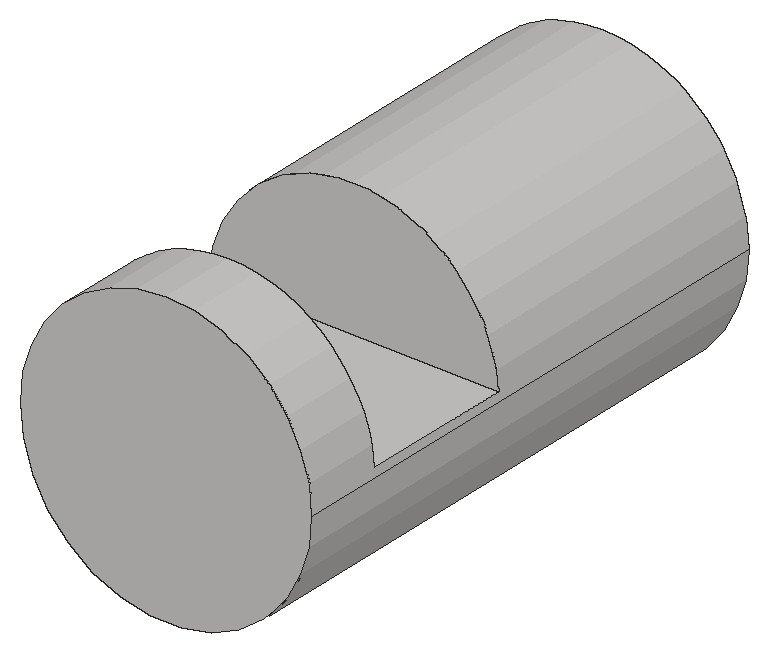
Revit family "T20", category Generic Models, Revit 2021
Family settings
  Can host rebar = No
  Round Connector Dimension = Use Diameter
  Part Type = Normal
  Work Plane-Based = No
  Always vertical = Yes
  Cut with Voids When Loaded = No
  Shared = No
  Room Calculation Point = No
Parameters (values of type "Standard")
  e-mail = "info@vola.com"
  URL = "http://vola.com"
  Telephone = "+45 7023 5500"
  Quality management standard = "ISO 9001"
  Organisation no. / DUNS no. = "17531328"
  Occupational health and safety management standard = "ISO 18001"
  Mounting Instructions = "http://vola.com/service/producturl.ashx?name=T20"
  Model = "T20"
  Materials and components information = "http://vola.com/service/producturl.ashx?name=T20"
  Manufacturer = "VOLA A/S"
  Maintenance Instructions = "http://vola.com/service/producturl.ashx?name=T20"
  Guarantee = "2 years"
  Environmental management standard = "ISO 14000"
  Default Elevation = 0.00 mm
  Connection - All relevant connections = ""
  Approvals = "http://vola.com/service/producturl.ashx?name=T20"
Reference planes
  plane 1 "Center (Front/Back)": y = 0
  plane 2: z = 0
  plane 3 "Center (Left/Right)": x = 0
Forms (mm)
  Extrusion 1, solid, material "Stainless Steel"
    sketch origin (0, 0, 0) x (1, 0, 0) y (0, 0, 1)
      loop
        circle (0, 0) r 7.5
    from 0 to 28
  Extrusion 2, void
    sketch origin (0, 0, 0) x (0, 1, 0) y (0, 0, 1)
      loop
        line (-16, 9.886) -> (-24, 9.886) -> (-24, 0.5) -> (-16, 0.5) -> (-16, 9.886)
    from -8 to 8
Cuts and joins
  Extrusion 2 cuts Extrusion 1
Dimensions and locks
  aligned and locked: plane 2 to level
